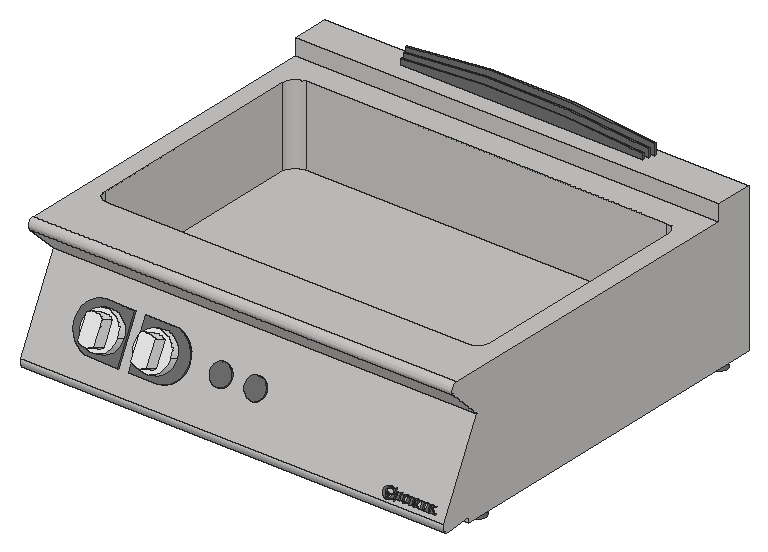
Revit family "QF_GIORIK_BM740T", category Specialty Equipment, Revit 2014
Parameters (values of type "BM740T")
  Weight in Pounds = 176.3696
  Watts = 2200 W
  Waste Water Discharge Temperature [instance] = 0 °C
  Volts = 230 V
  URL Cutsheet = "www.giorik.com"
  URL = "www.giorik.com"
  Status [instance] = ""
  Specification by User [instance] = ""
  Specification by Manufacturer = ""
  Show Logo [instance] = yes
  Show Clearance [instance] = yes
  Serial Number = ""
  Seismic Rating = ""
  SMACNA No = ""
  Revision Code [instance] = ""
  Plumbing Remarks [instance] = ""
  Plumbing Connection Type [instance] = ""
  Phase = 1
  Number of Poles [instance] = 1
  NAFEM Spec ID Number = ""
  Model = "BM740T"
  Min Ckt Ampacity = 0 A
  Max Overcurrent Protection = 0 A
  Masterspec = ""
  Manufacturer = "GIORIK"
  Item Number [instance] = ""
  Installed By [instance] = ""
  Indirect Waste Size = 1/2"
  Indirect Waste Flow = 0.0 L/s
  Indirect Waste Connection Type [instance] = ""
  Indirect Waste Connection Height [instance] = 20 mm
  Identify Quantity as Lot [instance] = no
  HP = "2.950244000000"
  Furnished By [instance] = ""
  Foodservice Equipment Identifier [instance] = yes
  FL Amps = 0 A
  Electrical Remarks [instance] = ""
  Electric Connection Type [instance] = ""
  Elec Conn RI Height [instance] = 0 mm
  Elec Conn Connection Height [instance] = 20 mm
  Description = "ELECTRIC BAIN MARIE - COUNTERTOP VERSION"
  Cycle = 50 Hz
  Conn Plug = ""
  Conn Conduit [instance] = no
  Cold Water Temperature Recommended = 0 °C
  Cold Water Size = 3/4"
  Cold Water RI Height [instance] = 20 mm
  Cold Water Minimum Pressure = 20000.0 Pa
  Cold Water Maximum Pressure = 50000.0 Pa
  Cold Water Flow [instance] = 0.0 L/s
  Cold Water Consumption [instance] = ""
  Cold Water Connection Height [instance] = 20 mm
  CSI MasterFormat = ""
  Assembly Code = "E1090320"
  Apparent Power = 2200 VA
Reference planes
  plane 1 "Back": y = 0
  plane 2: z = 0
  plane 3 "Left": x = 0
  plane 4 "Right": x = 800
  plane 5 "Front": y = -720
  plane 6 "Top": z = 300
Forms (mm)
  Extrusion 1, solid, visible <- "Show Logo"
    sketch origin (586.604, -736.761, 9.486) x (-1, 0, 0) y (0, 0.452718, 0.891654)
      loop
        line (-118.824, 58.358) -> (-127.804, 58.358) -> (-125.523, 56.445) -> (-125.523, 48.027) -> (-127.804, 46.113) -> (-118.824, 46.113) -> (-121.105, 48.027) -> (-121.105, 56.445) -> (-118.824, 58.358)
      loop
        line (-163.721, 58.358) -> (-172.7, 58.358) -> (-170.42, 56.445) -> (-170.42, 48.027) -> (-172.7, 46.113) -> (-163.721, 46.113) -> (-166.001, 48.027) -> (-166.001, 56.445) -> (-163.721, 58.358)
      loop
        line (-174.332, 58.358) -> (-183.312, 58.358) -> (-181.031, 56.445) -> (-181.031, 52.435) -> (-186.419, 56.955) -> (-184.416, 58.358) -> (-191.268, 58.358) -> (-188.01, 56.839) -> (-185.455, 54.283) -> (-190.846, 47.858) -> (-193.396, 46.93) -> (-193.396, 46.113) -> (-184.416, 46.113) -> (-185.437, 47.571) -> (-182.443, 51.552) -> (-181.031, 50.894) -> (-181.031, 48.027) -> (-183.312, 46.113) -> (-174.332, 46.113) -> (-176.613, 48.027) -> (-176.613, 56.445) -> (-174.332, 58.358)
      loop
        line (-115.429, 62.063) -> (-115.429, 54.198)
        arc (-115.429, 54.198) -> (-111.618, 57.803) -> (-106.847, 59.986) r 16.039
        arc (-106.847, 59.986) -> (-103.314, 59.837) -> (-100.512, 57.68) r 5.851
        arc (-100.512, 57.68) -> (-98.815, 52.267) -> (-100.512, 46.853) r 9.479
        arc (-100.512, 46.853) -> (-102.406, 44.986) -> (-104.846, 43.93) r 7.236
        arc (-104.846, 43.93) -> (-107.728, 44.111) -> (-110.052, 45.825) r 5.11
        line (-110.052, 45.825) -> (-110.052, 52.001) -> (-116.141, 52.001) -> (-116.141, 45.503) -> (-117.893, 43.751) -> (-114.094, 44.769)
        arc (-114.094, 44.769) -> (-112.56, 44.947) -> (-111.129, 44.366) r 3.115
        arc (-111.129, 44.366) -> (-104.216, 42.091) -> (-97.303, 44.366) r 11.641
        arc (-97.303, 44.366) -> (-93.396, 52.107) -> (-97.303, 59.849) r 9.622
        arc (-97.303, 59.849) -> (-104.369, 62.174) -> (-111.435, 59.849) r 11.898
        line (-111.435, 59.849) -> (-115.429, 62.063)
      loop
        arc (-129.234, 56.068) -> (-135.893, 58.628) -> (-142.552, 56.068) r 9.941
        arc (-142.552, 56.068) -> (-144.234, 52.286) -> (-142.552, 48.505) r 5.093
        arc (-142.552, 48.505) -> (-135.893, 45.945) -> (-129.234, 48.505) r 9.941
        arc (-129.234, 48.505) -> (-127.552, 52.286) -> (-129.234, 56.068) r 5.093
      loop
        arc (-132.628, 54.403) -> (-135.893, 57.668) -> (-139.158, 54.403) r 3.265
        line (-139.158, 54.403) -> (-139.158, 50.169)
        arc (-139.158, 50.169) -> (-135.893, 46.904) -> (-132.628, 50.169) r 3.265
        line (-132.628, 50.169) -> (-132.628, 54.403)
      loop
        arc (-156.363, 58.365) -> (-159.647, 55.081) -> (-156.363, 51.796) r 3.285
        line (-156.363, 51.796) -> (-159.529, 47.306) -> (-162.087, 46.113) -> (-155.847, 46.113) -> (-153.529, 51.083) -> (-150.637, 51.083) -> (-150.637, 47.784) -> (-153.022, 46.113) -> (-144.011, 46.113) -> (-146.094, 47.68) -> (-146.094, 56.493) -> (-144.229, 58.365) -> (-156.363, 58.365)
      loop
        line (-150.637, 57.512) -> (-153.637, 57.512)
        arc (-153.637, 57.512) -> (-156.237, 54.912) -> (-153.637, 52.312) r 2.6
        line (-153.637, 52.312) -> (-150.637, 52.312) -> (-150.637, 57.512)
      loop
        line (-108.924, 52.001) -> (-104.936, 49.005) -> (-100.948, 52.001) -> (-108.924, 52.001)
    from 1.5 to -0.5
  Extrusion 2, solid
    sketch origin (-4, 0, 0) x (1, 0, 0) y (0, 1, 0)
      loop
        circle (54, -385) r 12.5
    from 5 to 20
  Extrusion 3, solid
    sketch origin (0, 1000, -620) x (0, 1, 0) y (0, 0, 1)
      loop
        line (-1000, 919.988) -> (-1070, 919.988) -> (-1070, 889.988) -> (-1688.806, 889.988)
        arc (-1688.806, 889.988) -> (-1699.151, 883.075) -> (-1696.724, 870.873) r 11.197
        line (-1696.724, 870.873) -> (-1640.876, 815.025) -> (-1718.948, 661.258)
        arc (-1718.948, 661.258) -> (-1718.233, 650.105) -> (-1708.118, 645.354) r 10.981
        line (-1708.118, 645.354) -> (-1660, 649.925) -> (-1660, 640) -> (-1000, 640) -> (-1000, 919.988)
    from 0 to 800
  Extrusion 4, solid
    sketch origin (-293.221, -963.345, -547.637) x (1, 0, 0) y (0, 0.452718, 0.891654)
      loop
        line (463.221, 676.25) -> (463.221, 766.25) -> (409.698, 766.25)
        arc (409.698, 766.25) -> (364.698, 721.25) -> (409.698, 676.25) r 45
        line (409.698, 676.25) -> (463.221, 676.25)
    from 48 to 50
  Extrusion 5, solid
    sketch origin (481.331, -1008.697, -525.041) x (-1, 0, 0) y (0, -0.45351, -0.891251)
      loop
        circle (351.331, -721.346) r 35
    from 0 to 15
  Extrusion 6, solid
    sketch origin (481.331, -1008.697, -525.041) x (-1, 0, 0) y (0, -0.45351, -0.891251)
      loop
        arc (336.331, -743.846) -> (351.331, -748.846) -> (366.331, -743.846) r 25
        line (366.331, -743.846) -> (366.331, -698.846)
        arc (366.331, -698.846) -> (351.331, -693.846) -> (336.331, -698.846) r 25
        line (336.331, -698.846) -> (336.331, -743.846)
    from 15 to 40
  Extrusion 7, void
    sketch origin (0, 0, 219.988) x (0, 1, 0) y (-1, 0, 0)
      loop
        arc (-120, -60) -> (-127.322, -42.322) -> (-145, -35) r 25
        line (-145, -35) -> (-565.002, -35)
        arc (-565.002, -35) -> (-582.68, -42.322) -> (-590.002, -60) r 25
        line (-590.002, -60) -> (-590.002, -740)
        arc (-590.002, -740) -> (-582.68, -757.678) -> (-565.002, -765) r 25
        line (-565.002, -765) -> (-145, -765)
        arc (-145, -765) -> (-127.322, -757.678) -> (-120, -740) r 25
        line (-120, -740) -> (-120, -60)
    from -100 to 50
  Extrusion 8, solid
    sketch origin (415, 25, 119.988) x (0, 1, 0) y (-1, 0, 0)
      loop
        circle (-565.918, -311.344) r 20
    from 0 to 2
  Extrusion 9, solid
    sketch origin (653.221, -963.345, -547.637) x (-1, 0, 0) y (0, -0.452718, -0.891654)
      loop
        line (463.221, -676.25) -> (409.698, -676.25)
        arc (409.698, -676.25) -> (364.698, -721.25) -> (409.698, -766.25) r 45
        line (409.698, -766.25) -> (463.221, -766.25) -> (463.221, -676.25)
    from 48 to 50
  Extrusion 10, solid
    sketch origin (-121.331, -1008.697, -525.041) x (1, 0, 0) y (0, 0.45351, 0.891251)
      loop
        circle (351.331, 721.346) r 35
    from 0 to 15
  Extrusion 11, solid
    sketch origin (-121.331, -1008.697, -525.041) x (1, 0, 0) y (0, 0.45351, 0.891251)
      loop
        line (336.331, 743.846) -> (336.331, 698.846)
        arc (336.331, 698.846) -> (351.331, 693.846) -> (366.331, 698.846) r 25
        line (366.331, 698.846) -> (366.331, 743.846)
        arc (366.331, 743.846) -> (351.331, 748.846) -> (336.331, 743.846) r 25
    from 15 to 40
  Extrusion 12, solid
    sketch origin (101.156, -936.65, -384.615) x (0, -0.452718, -0.891654) y (-1, 0, 0)
      loop
        circle (-565.918, -311.344) r 20
    from 0 to 2
  Extrusion 13, solid
    sketch origin (35.811, -936.65, -384.615) x (0, -0.452718, -0.891654) y (-1, 0, 0)
      loop
        circle (-565.918, -311.344) r 20
    from 0 to 2
  Extrusion 14, solid
    sketch origin (400, 0, -30) x (0, 1, 0) y (-1, 0, 0)
      loop
        circle (-54, -313) r 9.3
    from 35 to 50
  Extrusion 15, solid
    sketch origin (400, 0, -30) x (0, 1, 0) y (-1, 0, 0)
      loop
        circle (-129, -162) r 6.5
    from 35 to 50
  Extrusion 16, solid
    sketch origin (36.031, 0, -610.001) x (1, 0, 0) y (0, 0, 1)
      loop
        line (135, 909.989) -> (592.969, 909.989) -> (592.969, 919.989) -> (440.969, 929.989) -> (287, 929.989) -> (135, 919.989) -> (135, 909.989)
    from 32 to 35
  Extrusion 17, solid
    sketch origin (38, 10, -610.001) x (1, 0, 0) y (0, 0, 1)
      loop
        line (594, 909.989) -> (594, 924.989) -> (440, 937.489) -> (284, 937.489) -> (130, 925.001) -> (130, 909.989) -> (594, 909.989)
    from 32 to 35
  Extrusion 18, solid
    sketch origin (40, 20, -610.001) x (1, 0, 0) y (0, 0, 1)
      loop
        line (595, 909.989) -> (595, 930.001) -> (439, 945.258) -> (281, 945.258) -> (125, 929.989) -> (125, 909.989) -> (595, 909.989)
    from 32 to 35
  Extrusion 19, solid
    sketch origin (543.603, 45.293, -30) x (0, 1, 0) y (-1, 0, 0)
      loop
        circle (-79.293, 516.603) r 5
    from 41.965 to 50
  Revolve 20, solid
    sketch origin (27, 49.943, -600) x (0, 1, 0) y (0, 0, 1)
      loop
        line (-83.943, 611.965) -> (-94.752, 611.965) -> (-97.943, 600) -> (-83.943, 600) -> (-83.943, 611.965)
      axis (-83.943, 611.965) -> (-83.943, 600)
    angle from 0 to 360
  Extrusion 21, solid
    sketch origin (543.603, -524.707, -30) x (0, 1, 0) y (-1, 0, 0)
      loop
        circle (-79.293, 516.603) r 5
    from 41.965 to 50
  Revolve 22, solid
    sketch origin (27, -520.057, -600) x (0, 1, 0) y (0, 0, 1)
      loop
        line (-83.943, 611.965) -> (-94.752, 611.965) -> (-97.943, 600) -> (-83.943, 600) -> (-83.943, 611.965)
      axis (-83.943, 611.965) -> (-83.943, 600)
    angle from 0 to 360
  Extrusion 23, solid
    sketch origin (256.397, 45.293, -30) x (0, 1, 0) y (-1, 0, 0)
      loop
        circle (-79.293, -516.603) r 5
    from 41.965 to 50
  Revolve 24, solid
    sketch origin (773, 49.943, -600) x (0, 1, 0) y (0, 0, -1)
      loop
        line (-83.943, -611.965) -> (-83.943, -600) -> (-97.943, -600) -> (-94.752, -611.965) -> (-83.943, -611.965)
      axis (-83.943, -611.965) -> (-83.943, -600)
    angle from 0 to 360
  Extrusion 25, solid
    sketch origin (256.397, -524.707, -30) x (0, 1, 0) y (-1, 0, 0)
      loop
        circle (-79.293, -516.603) r 5
    from 41.965 to 50
  Revolve 26, solid
    sketch origin (773, -520.057, -600) x (0, 1, 0) y (0, 0, -1)
      loop
        line (-83.943, -611.965) -> (-83.943, -600) -> (-97.943, -600) -> (-94.752, -611.965) -> (-83.943, -611.965)
      axis (-83.943, -611.965) -> (-83.943, -600)
    angle from 0 to 360
Cuts and joins
  Extrusion 7 cuts Extrusion 3
Lines and regions (mm)
  symbolic lines, style "200-EquipBorder-2D"
    curve 1: line (0, -720, 0) -> (800, -720, 0)
    curve 2: line (800, -720, 0) -> (800, 0, 0)
    curve 3: line (800, 0, 0) -> (0, 0, 0)
    curve 4: line (0, 0, 0) -> (0, -720, 0)
  symbolic lines, style "200-EquipInternal-2D"
    curve 5: line (0, -70, 300) -> (800, -70, 300)
    curve 6: line (740, -120, 300) -> (60, -120, 300)
    curve 7: arc (60, -120, 300) -> (42.322, -127.322, 300) -> (35, -145, 300) r 25
    curve 8: line (35, -145, 300) -> (35, -565, 300)
    curve 9: arc (765, -145, 300) -> (757.678, -127.322, 300) -> (740, -120, 300) r 25
    curve 10: line (765, -565, 300) -> (765, -145, 300)
    curve 11: arc (740, -590, 300) -> (757.678, -582.678, 300) -> (765, -565, 300) r 25
    curve 12: line (60, -590, 300) -> (740, -590, 300)
    curve 13: arc (35, -565, 300) -> (42.322, -582.678, 300) -> (60, -590, 300) r 25
    curve 14: circle (726.344, -540.918, 300) r 20 normal (0, 0, 1)
    curve 15: line (165, -12, 300) -> (165, -15, 300)
    curve 16: line (635, -12, 300) -> (165, -12, 300)
    curve 17: line (165, -15, 300) -> (635, -15, 300)
    curve 18: line (632, -22, 300) -> (168, -22, 300)
    curve 19: line (168, -22, 300) -> (168, -25, 300)
    curve 20: line (168, -25, 300) -> (632, -25, 300)
    curve 21: line (171.031, -35, 300) -> (629, -35, 300)
    curve 22: line (171.031, -32, 300) -> (171.031, -35, 300)
    curve 23: line (629, -32, 300) -> (171.031, -32, 300)
    curve 24: line (635, -15, 300) -> (635, -12, 300)
    curve 25: line (632, -25, 300) -> (632, -22, 300)
    curve 26: line (629, -35, 300) -> (629, -32, 300)
Dimensions and locks
  plane 3 "Left" to plane 4 "Right" = 800 mm
  plane 5 "Front" to plane 1 "Back" = 720 mm
  plane 4 "Right" to plane 3 "Left" = 800 mm
  plane 1 "Back" to plane 5 "Front" = 720 mm
  plane 6 "Top" to level = 300 mm  (x2)
  aligned and locked: level to plane 2
Connectors
  electrical at (50, -385, 5), driven by "Apparent Power", driven by "Volts", driven by "Number of Poles"
    settings: on Extrusion 2, index 1, voltage 230 V, apparent load 0 VA, apparent load phase1 2200 VA, apparent load phase2 0 VA, apparent load phase3 0 VA, power factor 1, load classification "Other", number of poles 1, system type 31, power factor state 1, is connector primary yes, connector utility no, sub classification motor no, connector description "Electrical connection"
  piping at (713, -54, 5), diameter 19.05, driven by "Cold Water Size", driven by "Cold Water Flow"
    settings: on Extrusion 14, index 2, connector inside diameter 24", connector length 0 mm, flow factor 0, pipe flow 0.0 L/s, pressure drop 0.0 Pa, fitting loss kfactor 0, connector angle 0.00°, fixture units 0, engagement length 0 mm, angle of deflection 0.00°, flow configuration 1, flow direction 1, fitting loss method 0, system type 20, joint type 0, gender type 0, connector reference index -1, connector utility 0, adjustable connector no, is connector primary yes, connector description "Water inlet"
  piping at (562, -129, 5), diameter 12.7, driven by "Indirect Waste Size", driven by "Indirect Waste Flow"
    settings: on Extrusion 15, index 3, connector inside diameter 24", connector length 0 mm, flow factor 0, pipe flow 0.0 L/s, pressure drop 0.0 Pa, fitting loss kfactor 0, connector angle 0.00°, fixture units 0, engagement length 0 mm, angle of deflection 0.00°, flow configuration 1, flow direction 2, fitting loss method 0, system type 16, joint type 0, gender type 0, connector reference index -1, connector utility 0, adjustable connector no, is connector primary no, connector description "Drain connection"
